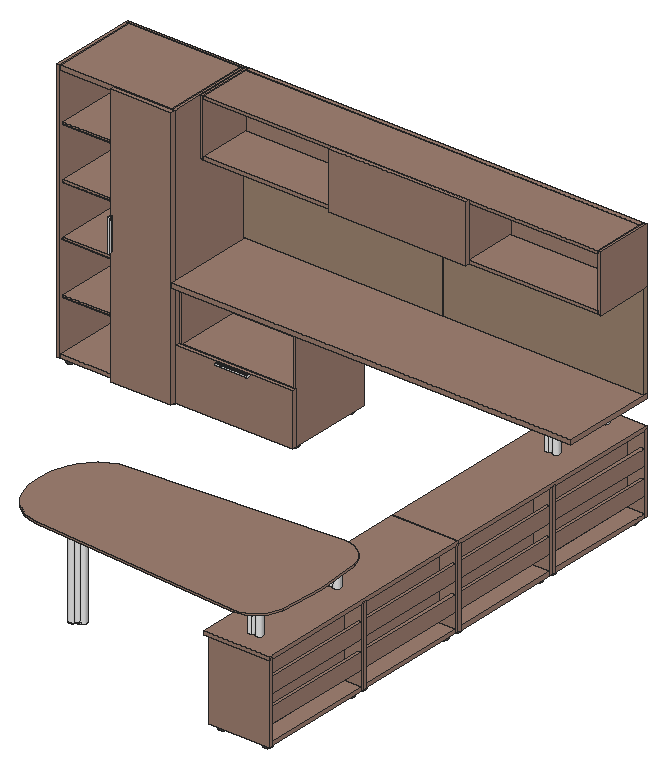
Revit family "APTOS TYPICAL APTOS007", category Furniture, Revit 2015
Parameters (values of type "APTOS007")
  Worksurface Height [instance] = 27"
  URL = "http://ofsbrands.com"
  Model = "APTOS007"
  Manufacturer = "OFS"
  Description = "OFS BRANDS OFS APTOS TYPICAL APTOS007"
  Copyright © = "© OFS BRANDS 2017"
  Catalog = "APTOS http://ofsbrands.com/products/casegoods/private-office/aptos"
  Authoring Version = "Autodesk Revit Architecture 2013"
  Assembly Code = "E2020200"
Reference planes (in)
  plane 1 "Center (Front/Back)": y = 0
  plane 2: z = 0
  plane 3 "Center (Left/Right)": x = 0
Dimensions and locks (in)
  aligned and locked: level to plane 2
Nested families (in)
  nested 1: "APTOS WALLMOUNT ORGANIZER WITH CENTERED LIFT-UP WOOD DOORS" at (11.58446, 0, 0), type "APTOS WALLMOUNT ORGANIZER WITH CENTERED LIFT-UP WOOD DOORS 102" Width"
  nested 2: "APTOS TWO PIECE TACKBOARD (Between Worksurface Height and Wallmount)" at (11.58446, 0, 0), type "APTOS TWO PIECE TACKBOARD 102" Between Worksurface Height and Wallmount"
  nested 3: "APTOS ELEVATED RUNOFF WORKSURFACE WEDGE SOLID SURFACE - WOOD TOP" at (25.52906, -125.99998, 0) x (-1, 0, 0) z (0, 0, 1), type "APTOS ELEVATED RUNOFF WORKSURFACE WEDGE SOLID SURFACE 72" x 36" - WOOD TOP"
    with Width 72", 34-7236WTEC yes, 34-6636WTEC no
  nested 4: "APTOS TRIFOIL COLUMN" at (-0.47094, -96.99998, 0), type "APTOS TRIFOIL COLUMN"
  nested 5: "APTOS LOW HEIGHT MODULAR CABINET TOP" at (62.58446, -30, 0) x (0, -1, 0) z (0, 0, 1), type "APTOS LOW HEIGHT MODULAR CABINET TOP 60""
    with Bottom Board Offset 21 1/4", Width 60"
  nested 6: "APTOS LOW HEIGHT MODULAR CABINET TOP" at (62.58446, -90, 0) x (0, -1, 0) z (0, 0, 1), type "APTOS LOW HEIGHT MODULAR CABINET TOP 60""
    with Bottom Board Offset 21 1/4", Width 60"
  nested 7: "APTOS LOW HEIGHT MODULAR PEDESTAL OPEN 18IN Depth" at (62.58446, -15, 0) x (0, -1, 0) z (0, 0, 1), type "APTOS LOW HEIGHT MODULAR PEDESTAL OPEN 30""
    with Width 30"
  nested 8: "APTOS LOW HEIGHT MODULAR PEDESTAL OPEN 18IN Depth" at (62.58446, -45, 0) x (0, -1, 0) z (0, 0, 1), type "APTOS LOW HEIGHT MODULAR PEDESTAL OPEN 30""
    with Width 30"
  nested 9: "APTOS LOW HEIGHT MODULAR PEDESTAL OPEN 18IN Depth" at (62.58446, -75, 0) x (0, -1, 0) z (0, 0, 1), type "APTOS LOW HEIGHT MODULAR PEDESTAL OPEN 30""
    with Width 30"
  nested 10: "APTOS LOW HEIGHT MODULAR PEDESTAL OPEN 18IN Depth" at (62.58446, -105, 0) x (0, -1, 0) z (0, 0, 1), type "APTOS LOW HEIGHT MODULAR PEDESTAL OPEN 30""
    with Width 30"
  nested 11: "APTOS MODULAR CABINET TOP" at (11.58446, 12, 0), type "APTOS MODULAR CABINET TOP 102" x 24""
    with Width 102"
  nested 12: "APTOS WORKSURFACE HEIGHT MODULAR PEDESTAL OPEN-FILE 30-36IN" at (-24.41554, 0, 0), type "APTOS WORKSURFACE HEIGHT MODULAR PEDESTAL OPEN-FILE 30W x 24D"
  nested 13: "APTOS TALL OPEN STORAGE WITH HINGED DOOR 24IN DEPTH" at (-54.41554, 0, 0), type "APTOS TALL OPEN STORAGE WITH HINGED DOOR 30" Wide 24" Planning Depth Single Hinged Door Right"
    with Width 30"
  nested 14: "APTOS DUFOIL STANDOFFS" at (51.84454, -89.625, 22.25) x (0, 1, 0) z (0, 0, 1), type "APTOS DUFOIL STANDOFFS"
  nested 15: "APTOS DUFOIL STANDOFFS" at (51.84454, -114.37496, 22.25) x (0, -1, 0) z (0, 0, 1), type "APTOS DUFOIL STANDOFFS"
  nested 16: "APTOS DUFOIL STANDOFFS" at (51.84454, -4.125, 22.25) x (0, 1, 0) z (0, 0, 1), type "APTOS DUFOIL STANDOFFS"
  nested 17: "APTOS DUFOIL STANDOFFS" at (51.84454, -19.875, 22.25) x (0, -1, 0) z (0, 0, 1), type "APTOS DUFOIL STANDOFFS"
Definition of nested family "APTOS WALLMOUNT ORGANIZER WITH CENTERED LIFT-UP WOOD DOORS"
  Parameters (values of type "APTOS WALLMOUNT ORGANIZER WITH CENTERED LIFT-UP WOOD DOORS 102" Width")
    Width = 102"
    URL = "http://ofsbrands.com"
    Total Height [instance] = 68 1/4"
    Middle Section Width = 34"
    Door Inset = 1"
    Door Gap = 1/8"
    Board Thick Door = 1"
    Depth = 15 5/8"
    Board Material = none
    Model = "34-10215WS1"
    Manufacturer = "OFS"
    Board Thick Internal = 3/4"
    Height = 14 1/2"
    Description = "OFS BRANDS OFS APTOS WALLMOUNT ORGANIZER WITH CENTERED LIFT-UP WOOD DOORS 102\" Width, One Lift-Up Door in Center Section, Open Sections on Both Sides"
    Copyright © = "© OFS BRANDS 2017"
    Catalog = "APTOS http://ofsbrands.com/products/casegoods/private-office/aptos"
    Bottom Board Offset = 53 3/4"
    Board Thick Top and Bot = 3/4"
    Board Thick Sides = 3/4"
    Board Thick Front = 3/4"
    Board Thick Back = 1 1/8"
    Authoring Version = "Autodesk Revit Architecture 2013"
    Assembly Code = "E2020200"
  Types (6): name | Width | Middle Section Width | Model | Description
    (no name) | 102" | 34" | "34-10215WS1" | "OFS BRANDS OFS APTOS WALLMOUNT ORGANIZER WITH CENTERED LIFT-UP WOOD DOORS 102\" Width, One Lift-Up Door in Center Section, Open Sections on Both Sides"
    APTOS WALLMOUNT ORGANIZER WITH CENTERED LIFT-UP WOOD DOORS 84" Width | 84" | 28" | "34-8415WS1" | "OFS BRANDS OFS APTOS WALLMOUNT ORGANIZER WITH CENTERED LIFT-UP WOOD DOORS 84\" Width, One Lift-Up Door in Center Section, Open Sections on Both Sides"
    APTOS WALLMOUNT ORGANIZER WITH CENTERED LIFT-UP WOOD DOORS 90" Width | 90" | 30" | "34-9015WS1" | "OFS BRANDS OFS APTOS WALLMOUNT ORGANIZER WITH CENTERED LIFT-UP WOOD DOORS 90\" Width, One Lift-Up Door in Center Section, Open Sections on Both Sides"
    APTOS WALLMOUNT ORGANIZER WITH CENTERED LIFT-UP WOOD DOORS 96" Width | 96" | 32" | "34-9615WS1" | "OFS BRANDS OFS APTOS WALLMOUNT ORGANIZER WITH CENTERED LIFT-UP WOOD DOORS 96\" Width, One Lift-Up Door in Center Section, Open Sections on Both Sides"
    APTOS WALLMOUNT ORGANIZER WITH CENTERED LIFT-UP WOOD DOORS 102" Width | 102" | 34" | "34-10215WS1" | "OFS BRANDS OFS APTOS WALLMOUNT ORGANIZER WITH CENTERED LIFT-UP WOOD DOORS 102\" Width, One Lift-Up Door in Center Section, Open Sections on Both Sides"
    APTOS WALLMOUNT ORGANIZER WITH CENTERED LIFT-UP WOOD DOORS 108" Width | 108" | 36" | "34-10815WS1" | "OFS BRANDS OFS APTOS WALLMOUNT ORGANIZER WITH CENTERED LIFT-UP WOOD DOORS 108\" Width, One Lift-Up Door in Center Section, Open Sections on Both Sides"
  Reference planes (in)
    plane 1 "Center Front/Back": y = 0
    plane 2: z = 0
    plane 3 "Center Left/Right": x = 0
    plane 4 "Left End": x = -51
    plane 5 "Front End": y = -14.625
    plane 6 "Right End": x = 51
    plane 7 "Back End": y = 0
    plane 8 "Height Top": z = 68.25
    plane 9: x = -50.25
    plane 10: x = 50.25
    plane 11: z = 67.5
    plane 12: z = 53.75
    plane 13: z = 54.5
    plane 14: y = -15.625
    plane 15: y = -1.125
    plane 16: y = -15.625
    plane 17: x = 47.75
    plane 18: x = -47.75
    plane 19: z = 61
    plane 20: x = 17
    plane 21: x = 16.625
    plane 22: x = 17.375
    plane 23: x = -17
    plane 24: x = -16.625
    plane 25: x = -17.375
    plane 26: x = -0.0625
    plane 27: x = 0.0625
  Forms (in)
    Extrusion 1, solid, material <- "Board Material"
      sketch origin (0, 0, 0) x (1, 0, 0) y (0, 1, 0)
        loop
          line (-51, 0) -> (-51, -14.625) -> (-50.25, -14.625) -> (-50.25, 0) -> (-51, 0)
      from 53.75 to 68.25
    Extrusion 2, solid, material <- "Board Material"
      sketch origin (0, 0, 0) x (-1, 0, 0) y (0, -1, 0)
        loop
          line (-51, 0) -> (-50.25, 0) -> (-50.25, 14.625) -> (-51, 14.625) -> (-51, 0)
      from 53.75 to 68.25
    Extrusion 3, solid, material <- "Board Material"
      sketch origin (0, 0, 0) x (1, 0, 0) y (0, 1, 0)
        loop
          line (-50.25, -1.125) -> (-50.25, -14.625) -> (50.25, -14.625) -> (50.25, -1.125) -> (-50.25, -1.125)
      from 53.75 to 54.5
    Extrusion 4, solid, material <- "Board Material"
      sketch origin (0, 0, 0) x (1, 0, 0) y (0, 1, 0)
        loop
          line (-50.25, -1.125) -> (-50.25, -14.625) -> (50.25, -14.625) -> (50.25, -1.125) -> (-50.25, -1.125)
      from 67.5 to 68.25
    Extrusion 5, solid, material <- "Board Material"
      sketch origin (0, 0, 0) x (1, 0, 0) y (0, 1, 0)
        loop
          line (17.375, -1.125) -> (16.625, -1.125) -> (16.625, -14.625) -> (17.375, -14.625) -> (17.375, -1.125)
      from 54.5 to 67.5
    Extrusion 6, solid, material <- "Board Material"
      sketch origin (0, 27.875, 0) x (1, 0, 0) y (0, 1, 0)
        loop
          line (-50.25, -27.875) -> (-50.25, -29) -> (50.25, -29) -> (50.25, -27.875) -> (-50.25, -27.875)
      from 53.75 to 68.25
    Extrusion 7, solid, material <- "Board Material"
      sketch origin (0, 0, 0) x (1, 0, 0) y (0, 1, 0)
        loop
          line (17.375, -14.625) -> (-17.375, -14.625) -> (-17.375, -15.625) -> (17.375, -15.625) -> (17.375, -14.625)
      from 53.75 to 68.25
    Extrusion 8, solid, material <- "Board Material"
      sketch origin (-35.5, 0, 0) x (1, 0, 0) y (0, 1, 0)
        loop
          line (18.875, -1.125) -> (18.125, -1.125) -> (18.125, -14.625) -> (18.875, -14.625) -> (18.875, -1.125)
      from 54.5 to 67.5
  Dimensions and locks (in)
    equal spacing: plane 4 "Left End", plane 3 "Center Left/Right", plane 6 "Right End"
    "Width": plane 4 "Left End" to plane 6 "Right End"
    "Height": plane 8 "Height Top" to plane 12
    "Board Thick Sides": plane 4 "Left End" to plane 9
    "Board Thick Sides": plane 10 to plane 6 "Right End"
    "Board Thick Top and Bot": plane 8 "Height Top" to plane 11
    "Board Thick Top and Bot": plane 13 to plane 12
    "Bottom Board Offset": plane 12 to level
    "Board Thick Back": plane 15 to plane 1 "Center Front/Back"
    "Depth": plane 14 to plane 1 "Center Front/Back"
    "Total Height": plane 8 "Height Top" to level
    "Door Inset": plane 5 "Front End" to plane 14
    "Board Thick Door": plane 5 "Front End" to plane 16
    locked: plane 17 to plane 10 at 2.5
    locked: plane 9 to plane 18 at 2.5
    equal spacing: plane 8 "Height Top", plane 19, plane 12
    equal spacing: plane 21, plane 20, plane 22
    "Board Thick Internal": plane 21 to plane 22
    equal spacing: plane 24, plane 23, plane 25
    "Board Thick Internal": plane 24 to plane 25
    equal spacing: plane 23, plane 3 "Center Left/Right", plane 20
    "Middle Section Width": plane 23 to plane 20
    equal spacing: plane 26, plane 3 "Center Left/Right", plane 27
    "Door Gap": plane 26 to plane 27
    aligned and locked: level to plane 2
    aligned and locked: plane 4 "Left End" to Extrusion 1 sketch curve
    aligned and locked: Extrusion 1 sketch curve to plane 9
    aligned and locked: plane 10 to Extrusion 2
    aligned and locked: Extrusion 2 to plane 6 "Right End"
    aligned and locked: plane 12 to Extrusion 2
    aligned and locked: plane 10 to Extrusion 3 sketch curve
    aligned and locked: plane 9 to Extrusion 3 sketch curve
    aligned and locked: Extrusion 5 to plane 5 "Front End"
    aligned and locked: Extrusion 3 to plane 13
    aligned and locked: Extrusion 3 to plane 12
    aligned and locked: plane 13 to Extrusion 5
    aligned and locked: Extrusion 5 to plane 11
    aligned and locked: Extrusion 4 to plane 8 "Height Top"
    aligned and locked: Extrusion 4 to plane 11
    aligned and locked: Extrusion 6 to plane 15
    aligned and locked: Extrusion 6 to plane 1 "Center Front/Back"
    aligned and locked: Extrusion 2 to plane 1 "Center Front/Back"
    aligned and locked: Extrusion 5 to plane 15
    aligned and locked: Extrusion 2 to plane 8 "Height Top"
    aligned and locked: Extrusion 4 to plane 9
    aligned and locked: Extrusion 4 to plane 10
    aligned and locked: plane 8 "Height Top" to Extrusion 1
    aligned and locked: Extrusion 1 to plane 12
    aligned and locked: Extrusion 6 to plane 9
    aligned and locked: Extrusion 6 to plane 10
    aligned and locked: Extrusion 7 to plane 16
    aligned and locked: plane 8 "Height Top" to Extrusion 6
    aligned and locked: Extrusion 6 to plane 12
    aligned and locked: plane 15 to Extrusion 3
    aligned and locked: plane 15 to Extrusion 4
    aligned and locked: Extrusion 5 to plane 21
    aligned and locked: plane 22 to Extrusion 5
    aligned and locked: plane 24 to Extrusion 8
    aligned and locked: Extrusion 8 to plane 25
    aligned and locked: Extrusion 8 to plane 13
    aligned and locked: Extrusion 8 to Extrusion 4
    aligned and locked: Extrusion 3 to Extrusion 8
    aligned and locked: Extrusion 8 to plane 5 "Front End"
    aligned and locked: Extrusion 7 to Extrusion 5
    aligned and locked: Extrusion 8 to Extrusion 7
    aligned and locked: Extrusion 4 to plane 5 "Front End"
    aligned and locked: Extrusion 3 to plane 5 "Front End"
    aligned and locked: Extrusion 1 to plane 5 "Front End"
    aligned and locked: plane 5 "Front End" to Extrusion 2
    aligned and locked: Extrusion 7 to plane 12
    aligned and locked: plane 8 "Height Top" to Extrusion 7
  Automatic sketch dimensions
    Extrusion 1 sketch curve to plane 14 = 1"
    plane 1 "Center Front/Back" to Extrusion 1 sketch curve = 0"
    Extrusion 2 sketch curve to plane 6 "Right End" = 0"
    Extrusion 2 sketch curve to plane 10 = 0"
    plane 14 to Extrusion 2 sketch curve = 1"
    plane 1 "Center Front/Back" to Extrusion 2 sketch curve = 0"
    Extrusion 3 sketch curve to plane 14 = 1"
    Extrusion 3 sketch curve to plane 15 = 0"
    Extrusion 4 sketch curve to plane 9 = 0"
    Extrusion 4 sketch curve to plane 10 = 0"
    Extrusion 4 sketch curve to plane 14 = 1"
    Extrusion 4 sketch curve to plane 15 = 0"
    Extrusion 5 sketch curve to plane 5 "Front End" = 0"
    Extrusion 5 sketch curve to plane 22 = 0"
    Extrusion 5 sketch curve to plane 21 = 0"
    plane 15 to Extrusion 5 sketch curve = 0"
    Extrusion 6 sketch curve to plane 9 = 0"
    Extrusion 6 sketch curve to plane 10 = 0"
    Extrusion 6 sketch curve to plane 15 = 0"
    plane 1 "Center Front/Back" to Extrusion 6 sketch curve = 0"
    Extrusion 7 sketch curve to plane 5 "Front End" = 0"
    Extrusion 7 sketch curve to plane 16 = 0"
    plane 10 to Extrusion 7 sketch curve = 32 7/8"
    Extrusion 7 sketch curve to plane 3 "Center Left/Right" = 17 3/8"
    Extrusion 8 sketch curve to plane 5 "Front End" = 0"
    Extrusion 8 sketch curve to plane 24 = 0"
    Extrusion 8 sketch curve to plane 25 = 0"
    Extrusion 8 sketch curve to plane 15 = 0"
Definition of nested family "APTOS TWO PIECE TACKBOARD (Between Worksurface Height and Wallmount)"
  Parameters
    Width = 102"
    URL = "http://ofsbrands.com"
    Depth = 1"
    Tackboard Material = none
    Model = "FTW2002"
    Manufacturer = "OFS"
    Height = 24"
    Description = "OFS BRANDS OFS APTOS TWO PIECE TACKBOARD 102\" WIDTH, Use where a 102\" Overhead or Wall Shelf is Between Worksurface Height and Wallmount"
    Copyright © = "© OFS BRANDS 2017"
    Catalog = "APTOS http://ofsbrands.com/products/casegoods/private-office/aptos"
    Bottom Board Offset = 29 3/4"
    Authoring Version = "Autodesk Revit Architecture 2013"
    Assembly Code = "E2020200"
  Reference planes (in)
    plane 1 "Center Front/Back": y = 0
    plane 2: z = 0
    plane 3 "Center Left/Right": x = 0
    plane 4 "Left End": x = -51
    plane 5 "Front End": y = -1
    plane 6 "Right End": x = 51
    plane 7 "Height Top": z = 53.75
    plane 8: z = 29.75
  Forms (in)
    Extrusion 1, solid, material <- "Tackboard Material"
      sketch origin (0, 0, 0) x (1, 0, 0) y (0, 0, 1)
        loop
          line (-51, 53.75) -> (-51, 29.75) -> (0, 29.75) -> (0, 53.75) -> (-51, 53.75)
      from 0 to 1
    Extrusion 2, solid, material <- "Tackboard Material"
      sketch origin (0, 0, 0) x (-1, 0, 0) y (0, 0, -1)
        loop
          line (-51, -53.75) -> (0, -53.75) -> (0, -29.75) -> (-51, -29.75) -> (-51, -53.75)
      from 0 to 1
  Dimensions and locks (in)
    "Height": plane 7 "Height Top" to plane 8
    "Bottom Board Offset": plane 8 to level
    "Depth": plane 5 "Front End" to plane 1 "Center Front/Back"
    equal spacing: plane 4 "Left End", plane 3 "Center Left/Right", plane 6 "Right End"
    "Width": plane 4 "Left End" to plane 6 "Right End"
    aligned and locked: level to plane 2
    aligned and locked: Extrusion 1 sketch curve to plane 7 "Height Top"
    aligned and locked: plane 4 "Left End" to Extrusion 1 sketch curve
    aligned and locked: plane 8 to Extrusion 1 sketch curve
    aligned and locked: plane 3 "Center Left/Right" to Extrusion 1
    aligned and locked: Extrusion 1 to plane 5 "Front End"
    aligned and locked: Extrusion 1 to plane 1 "Center Front/Back"
    aligned and locked: plane 7 "Height Top" to Extrusion 1
    aligned and locked: Extrusion 1 to plane 8
    aligned and locked: Extrusion 2 to plane 3 "Center Left/Right"
    aligned and locked: Extrusion 2 to plane 7 "Height Top"
    aligned and locked: Extrusion 2 to plane 6 "Right End"
    aligned and locked: Extrusion 2 to plane 8
    aligned and locked: Extrusion 2 to plane 5 "Front End"
    aligned and locked: Extrusion 2 to plane 1 "Center Front/Back"
  Automatic sketch dimensions
    Extrusion 1 sketch curve to plane 3 "Center Left/Right" = 0"
    plane 6 "Right End" to Extrusion 2 sketch curve = 0"
    Extrusion 2 sketch curve to plane 3 "Center Left/Right" = 0"
    Extrusion 2 sketch curve to plane 8 = 0"
    Extrusion 2 sketch curve to plane 7 "Height Top" = 0"
Definition of nested family "APTOS ELEVATED RUNOFF WORKSURFACE WEDGE SOLID SURFACE - WOOD TOP"
  Parameters
    Width = 66"
    URL = "http://ofsbrands.com"
    Table Material = none
    Depth = 36"
    Model = "34-6636WTE"
    Manufacturer = "OFS"
    Height = 1 1/8"
    Description = "OFS BRANDS OFS APTOS ELEVATED RUNOFF WORKSURFACE WEDGE SOLID SURFACE 66\" Width x 36\" Depth - WOOD TOP, 1.1875\" thick Solid Surface Worksurface"
    Copyright © = "© OFS BRANDS 2017"
    Catalog = "APTOS http://ofsbrands.com/products/casegoods/private-office/aptos"
    Bottom Board Offset = 28 3/8"
    Authoring Version = "Autodesk Revit Architecture 2013"
    Assembly Code = "E2020200"
    34-7842WTEC = no
    34-7242WTEC = no
    34-7236WTEC = no
    34-6642WTEC = no
    34-6636WTEC = yes
  Reference planes (in)
    plane 1 "Back End": y = -6
    plane 2: z = 0
    plane 3 "Center Left/Right": x = 0
    plane 4 "Left End": x = -33
    plane 5 "Front End": y = -42
    plane 6 "Right End": x = 33
    plane 7 "Height Top": z = 29.5
    plane 8: z = 28.375
    plane 9 "Center Front/Back": y = -24
  Forms (in)
    Extrusion 1, solid, material <- "Table Material", visible <- "34-7842WTEC"
      sketch origin (0, 0, 0) x (1, 0, 0) y (0, 1, 0)
        loop
          arc (-30.13754, -2.99992) -> (-35.45804, -4.98433) -> (-38.12133, -9.99956) r 8
          arc (-38.12133, -9.99956) -> (-39, -24) -> (-38.12133, -38.00044) r 111.97836
          arc (-38.12133, -38.00044) -> (-35.45804, -43.01567) -> (-30.13754, -45.00008) r 8
          arc (-30.13754, -45.00008) -> (-1.01631, -44.04076) -> (28.01014, -41.50461) r 537.43618
          arc (28.01014, -41.50461) -> (35.06839, -38.12659) -> (38.54366, -31.11571) r 12
          arc (38.54366, -31.11571) -> (39, -24) -> (38.54366, -16.88429) r 55.70594
          arc (38.54366, -16.88429) -> (35.06839, -9.87341) -> (28.01014, -6.49539) r 12
          arc (28.01014, -6.49539) -> (-1.01631, -3.95924) -> (-30.13754, -2.99992) r 537.43618
      from 28.375 to 29.5
    Sweep 2, void
      path in 3D
        loop
          arc (-38.12133, -9.99956, 29.5) -> (-35.45804, -4.98433, 29.5) -> (-30.13754, -2.99992, 29.5) r 8
          arc (-30.13754, -2.99992, 29.5) -> (-1.01631, -3.95924, 29.5) -> (28.01014, -6.49539, 29.5) r 537.43618
          arc (28.01014, -6.49539, 29.5) -> (35.06839, -9.87341, 29.5) -> (38.54366, -16.88429, 29.5) r 12
          arc (38.54366, -16.88429, 29.5) -> (39, -24, 29.5) -> (38.54366, -31.11571, 29.5) r 55.70594
          arc (38.54366, -31.11571, 29.5) -> (35.06839, -38.12659, 29.5) -> (28.01014, -41.50461, 29.5) r 12
          arc (28.01014, -41.50461, 29.5) -> (-1.01631, -44.04076, 29.5) -> (-30.13754, -45.00008, 29.5) r 537.43618
          arc (-30.13754, -45.00008, 29.5) -> (-35.45804, -43.01567, 29.5) -> (-38.12133, -38.00044, 29.5) r 8
          arc (-38.12133, -38.00044, 29.5) -> (-39, -24, 29.5) -> (-38.12133, -9.99956, 29.5) r 111.97836
      profile origin (-39, -24, 29.5) x (-1, 0, 0) y (0, 0, 1)
        loop
          line (0, -1.125) -> (0, -0.39706) -> (-2, -1.125) -> (0, -1.125)
    Extrusion 3, solid, material <- "Table Material", visible <- "34-7842WTEC", not visible
      sketch origin (0, 0, 0) x (1, 0, 0) y (0, 1, 0)
        loop
          arc (-30.13754, -2.99992) -> (-35.45804, -4.98433) -> (-38.12133, -9.99956) r 8
          arc (-38.12133, -9.99956) -> (-39, -24) -> (-38.12133, -38.00044) r 111.97836
          arc (-38.12133, -38.00044) -> (-35.45804, -43.01567) -> (-30.13754, -45.00008) r 8
          arc (-30.13754, -45.00008) -> (-1.01631, -44.04076) -> (28.01014, -41.50461) r 537.43618
          arc (28.01014, -41.50461) -> (35.06839, -38.12659) -> (38.54366, -31.11571) r 12
          arc (38.54366, -31.11571) -> (39, -24) -> (38.54366, -16.88429) r 55.70594
          arc (38.54366, -16.88429) -> (35.06839, -9.87341) -> (28.01014, -6.49539) r 12
          arc (28.01014, -6.49539) -> (-1.01631, -3.95924) -> (-30.13754, -2.99992) r 537.43618
      from 28.375 to 29.5
    Extrusion 4, solid, material <- "Table Material", visible <- "34-7242WTEC"
      sketch origin (0, 0, 0) x (1, 0, 0) y (0, 1, 0)
        loop
          arc (-35.12133, -9.99955) -> (-36, -24) -> (-35.12133, -38.00045) r 111.97836
          arc (-35.12133, -38.00045) -> (-32.45598, -43.01747) -> (-27.13208, -45.00006) r 8
          arc (-27.13208, -45.00006) -> (-0.92934, -44.03658) -> (25.16721, -41.49057) r 433.4597
          arc (25.16721, -41.49057) -> (32.12361, -38.07623) -> (35.54282, -31.12222) r 12
          arc (35.54282, -31.12222) -> (36, -24) -> (35.54282, -16.87778) r 55.70594
          arc (35.54282, -16.87778) -> (32.12361, -9.92377) -> (25.16721, -6.50943) r 12
          arc (25.16721, -6.50943) -> (-0.92934, -3.96342) -> (-27.13208, -2.99994) r 433.4597
          arc (-27.13208, -2.99994) -> (-32.45598, -4.98253) -> (-35.12133, -9.99955) r 8
      from 28.375 to 29.5
    Sweep 5, void
      path in 3D
        loop
          arc (-35.12133, -9.99955, 29.5) -> (-32.45598, -4.98253, 29.5) -> (-27.13208, -2.99994, 29.5) r 8
          arc (-27.13208, -2.99994, 29.5) -> (-0.92934, -3.96342, 29.5) -> (25.16721, -6.50943, 29.5) r 433.4597
          arc (25.16721, -6.50943, 29.5) -> (32.12361, -9.92377, 29.5) -> (35.54282, -16.87778, 29.5) r 12
          arc (35.54282, -16.87778, 29.5) -> (36, -24, 29.5) -> (35.54282, -31.12222, 29.5) r 55.70594
          arc (35.54282, -31.12222, 29.5) -> (32.12361, -38.07623, 29.5) -> (25.16721, -41.49057, 29.5) r 12
          arc (25.16721, -41.49057, 29.5) -> (-0.92934, -44.03658, 29.5) -> (-27.13208, -45.00006, 29.5) r 433.4597
          arc (-27.13208, -45.00006, 29.5) -> (-32.45598, -43.01747, 29.5) -> (-35.12133, -38.00045, 29.5) r 8
          arc (-35.12133, -38.00045, 29.5) -> (-36, -24, 29.5) -> (-35.12133, -9.99955, 29.5) r 111.97836
      profile origin (-36, -24, 29.5) x (-1, 0, 0) y (0, 0, 1)
        loop
          line (0, -1.125) -> (0, -0.39706) -> (-2, -1.125) -> (0, -1.125)
    Extrusion 6, solid, material <- "Table Material", visible <- "34-7242WTEC", not visible
      sketch origin (0, 0, 0) x (1, 0, 0) y (0, 1, 0)
        loop
          arc (-35.12133, -9.99955) -> (-36, -24) -> (-35.12133, -38.00045) r 111.97836
          arc (-35.12133, -38.00045) -> (-32.45598, -43.01747) -> (-27.13208, -45.00006) r 8
          arc (-27.13208, -45.00006) -> (-0.92934, -44.03658) -> (25.16721, -41.49057) r 433.4597
          arc (25.16721, -41.49057) -> (32.12361, -38.07623) -> (35.54282, -31.12222) r 12
          arc (35.54282, -31.12222) -> (36, -24) -> (35.54282, -16.87778) r 55.70594
          arc (35.54282, -16.87778) -> (32.12361, -9.92377) -> (25.16721, -6.50943) r 12
          arc (25.16721, -6.50943) -> (-0.92934, -3.96342) -> (-27.13208, -2.99994) r 433.4597
          arc (-27.13208, -2.99994) -> (-32.45598, -4.98253) -> (-35.12133, -9.99955) r 8
      from 28.375 to 29.5
    Extrusion 7, solid, material <- "Table Material", visible <- "34-7236WTEC"
      sketch origin (0, 0, 0) x (1, 0, 0) y (0, 1, 0)
        loop
          arc (-27.12648, -5.99998) -> (-32.33349, -7.88203) -> (-35.07139, -12.69442) r 8
          arc (-35.07139, -12.69442) -> (-36, -24) -> (-35.07139, -35.30558) r 69.28541
          arc (-35.07139, -35.30558) -> (-32.33349, -40.11797) -> (-27.12648, -42.00002) r 8
          arc (-27.12648, -42.00002) -> (-1.00869, -41.0419) -> (25.00389, -38.51147) r 433.4597
          arc (25.00389, -38.51147) -> (30.77434, -36.13874) -> (34.57357, -31.18961) r 12
          arc (34.57357, -31.18961) -> (36, -24) -> (34.57357, -16.81039) r 18.83203
          arc (34.57357, -16.81039) -> (30.77434, -11.86126) -> (25.00389, -9.48853) r 12
          arc (25.00389, -9.48853) -> (-1.00869, -6.9581) -> (-27.12648, -5.99998) r 433.4597
      from 28.375 to 29.5
    Sweep 8, void
      path in 3D
        loop
          arc (-35.07139, -12.69442, 29.5) -> (-32.33349, -7.88203, 29.5) -> (-27.12648, -5.99998, 29.5) r 8
          arc (-27.12648, -5.99998, 29.5) -> (-1.00869, -6.9581, 29.5) -> (25.00389, -9.48853, 29.5) r 433.4597
          arc (25.00389, -9.48853, 29.5) -> (30.77434, -11.86126, 29.5) -> (34.57357, -16.81039, 29.5) r 12
          arc (34.57357, -16.81039, 29.5) -> (36, -24, 29.5) -> (34.57357, -31.18961, 29.5) r 18.83203
          arc (34.57357, -31.18961, 29.5) -> (30.77434, -36.13874, 29.5) -> (25.00389, -38.51147, 29.5) r 12
          arc (25.00389, -38.51147, 29.5) -> (-1.00869, -41.0419, 29.5) -> (-27.12648, -42.00002, 29.5) r 433.4597
          arc (-27.12648, -42.00002, 29.5) -> (-32.33349, -40.11797, 29.5) -> (-35.07139, -35.30558, 29.5) r 8
          arc (-35.07139, -35.30558, 29.5) -> (-36, -24, 29.5) -> (-35.07139, -12.69442, 29.5) r 69.28541
      profile origin (-36, -24, 29.5) x (-1, 0, 0) y (0, 0, 1)
        loop
          line (0, -1.125) -> (0, -0.39706) -> (-2, -1.125) -> (0, -1.125)
    Extrusion 9, solid, material <- "Table Material", visible <- "34-7236WTEC", not visible
      sketch origin (0, 0, 0) x (1, 0, 0) y (0, 1, 0)
        loop
          arc (-27.12648, -5.99998) -> (-32.33349, -7.88203) -> (-35.07139, -12.69442) r 8
          arc (-35.07139, -12.69442) -> (-36, -24) -> (-35.07139, -35.30558) r 69.28541
          arc (-35.07139, -35.30558) -> (-32.33349, -40.11797) -> (-27.12648, -42.00002) r 8
          arc (-27.12648, -42.00002) -> (-1.00869, -41.0419) -> (25.00389, -38.51147) r 433.4597
          arc (25.00389, -38.51147) -> (30.77434, -36.13874) -> (34.57357, -31.18961) r 12
          arc (34.57357, -31.18961) -> (36, -24) -> (34.57357, -16.81039) r 18.83203
          arc (34.57357, -16.81039) -> (30.77434, -11.86126) -> (25.00389, -9.48853) r 12
          arc (25.00389, -9.48853) -> (-1.00869, -6.9581) -> (-27.12648, -5.99998) r 433.4597
      from 28.375 to 29.5
    Extrusion 10, solid, material <- "Table Material", visible <- "34-6642WTEC"
      sketch origin (0, 0, 0) x (1, 0, 0) y (0, 1, 0)
        loop
          arc (-24.12481, -2.99953) -> (-29.4532, -4.97968) -> (-32.12126, -9.99905) r 8
          arc (-32.12126, -9.99905) -> (-33, -24) -> (-32.12126, -38.00095) r 111.97836
          arc (-32.12126, -38.00095) -> (-29.4532, -43.02032) -> (-24.12481, -45.00047) r 8
          arc (-24.12481, -45.00047) -> (-0.81853, -44.02958) -> (22.36674, -41.46666) r 340.79932
          arc (22.36674, -41.46666) -> (29.19392, -38.00838) -> (32.54226, -31.12662) r 12
          arc (32.54226, -31.12662) -> (33, -24) -> (32.54226, -16.87338) r 55.70594
          arc (32.54226, -16.87338) -> (29.19392, -9.99162) -> (22.36674, -6.53334) r 12
          arc (22.36674, -6.53334) -> (-0.81853, -3.97042) -> (-24.12481, -2.99953) r 340.79932
      from 28.375 to 29.5
    Sweep 11, void
      path in 3D
        loop
          arc (-32.12126, -9.99905, 29.5) -> (-29.4532, -4.97968, 29.5) -> (-24.12481, -2.99953, 29.5) r 8
          arc (-24.12481, -2.99953, 29.5) -> (-0.81853, -3.97042, 29.5) -> (22.36674, -6.53334, 29.5) r 340.79932
          arc (22.36674, -6.53334, 29.5) -> (29.19392, -9.99162, 29.5) -> (32.54226, -16.87338, 29.5) r 12
          arc (32.54226, -16.87338, 29.5) -> (33, -24, 29.5) -> (32.54226, -31.12662, 29.5) r 55.70594
          arc (32.54226, -31.12662, 29.5) -> (29.19392, -38.00838, 29.5) -> (22.36674, -41.46666, 29.5) r 12
          arc (22.36674, -41.46666, 29.5) -> (-0.81853, -44.02958, 29.5) -> (-24.12481, -45.00047, 29.5) r 340.79932
          arc (-24.12481, -45.00047, 29.5) -> (-29.4532, -43.02032, 29.5) -> (-32.12126, -38.00095, 29.5) r 8
          arc (-32.12126, -38.00095, 29.5) -> (-33, -24, 29.5) -> (-32.12126, -9.99905, 29.5) r 111.97836
      profile origin (-33, -24, 29.5) x (-1, 0, 0) y (0, 0, 1)
        loop
          line (0, -1.125) -> (0, -0.39706) -> (-2, -1.125) -> (0, -1.125)
    Extrusion 12, solid, material <- "Table Material", visible <- "34-6642WTEC", not visible
      sketch origin (0, 0, 0) x (1, 0, 0) y (0, 1, 0)
        loop
          arc (-24.12481, -2.99953) -> (-29.4532, -4.97968) -> (-32.12126, -9.99905) r 8
          arc (-32.12126, -9.99905) -> (-33, -24) -> (-32.12126, -38.00095) r 111.97836
          arc (-32.12126, -38.00095) -> (-29.4532, -43.02032) -> (-24.12481, -45.00047) r 8
          arc (-24.12481, -45.00047) -> (-0.81853, -44.02958) -> (22.36674, -41.46666) r 340.79932
          arc (22.36674, -41.46666) -> (29.19392, -38.00838) -> (32.54226, -31.12662) r 12
          arc (32.54226, -31.12662) -> (33, -24) -> (32.54226, -16.87338) r 55.70594
          arc (32.54226, -16.87338) -> (29.19392, -9.99162) -> (22.36674, -6.53334) r 12
          arc (22.36674, -6.53334) -> (-0.81853, -3.97042) -> (-24.12481, -2.99953) r 340.79932
      from 28.375 to 29.5
    Extrusion 13, solid, material <- "Table Material", visible <- "34-6636WTEC"
      sketch origin (0, 0, 0) x (1, 0, 0) y (0, 1, 0)
        loop
          arc (-24.11948, -6.00003) -> (-29.33082, -7.87978) -> (-32.07139, -12.69442) r 8
          arc (-32.07139, -12.69442) -> (-33, -24) -> (-32.07139, -35.30558) r 69.28541
          arc (-32.07139, -35.30558) -> (-29.33082, -40.12022) -> (-24.11948, -41.99997) r 8
          arc (-24.11948, -41.99997) -> (-0.8999, -41.03574) -> (22.19993, -38.49087) r 340.70548
          arc (22.19993, -38.49087) -> (27.84618, -36.08774) -> (31.56617, -31.20749) r 12
          arc (31.56617, -31.20749) -> (33, -24) -> (31.56617, -16.79251) r 18.83203
          arc (31.56617, -16.79251) -> (27.84618, -11.91226) -> (22.19993, -9.50913) r 12
          arc (22.19993, -9.50913) -> (-0.8999, -6.96426) -> (-24.11948, -6.00003) r 340.70548
      from 28.375 to 29.5
    Sweep 14, void
      path in 3D
        loop
          arc (-32.07139, -12.69442, 29.5) -> (-29.33082, -7.87978, 29.5) -> (-24.11948, -6.00003, 29.5) r 8
          arc (-24.11948, -6.00003, 29.5) -> (-0.8999, -6.96426, 29.5) -> (22.19993, -9.50913, 29.5) r 340.70548
          arc (22.19993, -9.50913, 29.5) -> (27.84618, -11.91226, 29.5) -> (31.56617, -16.79251, 29.5) r 12
          arc (31.56617, -16.79251, 29.5) -> (33, -24, 29.5) -> (31.56617, -31.20749, 29.5) r 18.83203
          arc (31.56617, -31.20749, 29.5) -> (27.84618, -36.08774, 29.5) -> (22.19993, -38.49087, 29.5) r 12
          arc (22.19993, -38.49087, 29.5) -> (-0.8999, -41.03574, 29.5) -> (-24.11948, -41.99997, 29.5) r 340.70548
          arc (-24.11948, -41.99997, 29.5) -> (-29.33082, -40.12022, 29.5) -> (-32.07139, -35.30558, 29.5) r 8
          arc (-32.07139, -35.30558, 29.5) -> (-33, -24, 29.5) -> (-32.07139, -12.69442, 29.5) r 69.28541
      profile origin (-33, -24, 29.5) x (-1, 0, 0) y (0, 0, 1)
        loop
          line (0, -1.125) -> (0, -0.39706) -> (-2, -1.125) -> (0, -1.125)
    Extrusion 15, solid, material <- "Table Material", visible <- "34-6636WTEC", not visible
      sketch origin (0, 0, 0) x (1, 0, 0) y (0, 1, 0)
        loop
          arc (-24.11948, -6.00003) -> (-29.33082, -7.87978) -> (-32.07139, -12.69442) r 8
          arc (-32.07139, -12.69442) -> (-33, -24) -> (-32.07139, -35.30558) r 69.28541
          arc (-32.07139, -35.30558) -> (-29.33082, -40.12022) -> (-24.11948, -41.99997) r 8
          arc (-24.11948, -41.99997) -> (-0.8999, -41.03574) -> (22.19993, -38.49087) r 340.70548
          arc (22.19993, -38.49087) -> (27.84618, -36.08774) -> (31.56617, -31.20749) r 12
          arc (31.56617, -31.20749) -> (33, -24) -> (31.56617, -16.79251) r 18.83203
          arc (31.56617, -16.79251) -> (27.84618, -11.91226) -> (22.19993, -9.50913) r 12
          arc (22.19993, -9.50913) -> (-0.8999, -6.96426) -> (-24.11948, -6.00003) r 340.70548
      from 28.375 to 29.5
  Cuts and joins
    Sweep 2 cuts Extrusion 1
    Sweep 5 cuts Extrusion 4
    Sweep 8 cuts Extrusion 7
    Sweep 11 cuts Extrusion 10
    Sweep 14 cuts Extrusion 13
  Lines and regions (in)
    sketch lines
      curve 1: arc (-38.12133, -38.00044, 29.5) -> (-39, -24, 29.5) -> (-38.12133, -9.99956, 29.5) r 111.97836
      curve 2: arc (-38.12133, -9.99956, 29.5) -> (-35.45804, -4.98433, 29.5) -> (-30.13754, -2.99992, 29.5) r 8
      curve 3: arc (-30.13754, -2.99992, 29.5) -> (-1.01631, -3.95924, 29.5) -> (28.01014, -6.49539, 29.5) r 537.43618
      curve 4: arc (-30.13754, -45.00008, 29.5) -> (-35.45804, -43.01567, 29.5) -> (-38.12133, -38.00044, 29.5) r 8
      curve 5: arc (28.01014, -41.50461, 29.5) -> (-1.01631, -44.04076, 29.5) -> (-30.13754, -45.00008, 29.5) r 537.43618
      curve 6: arc (38.54366, -31.11571, 29.5) -> (35.06839, -38.12659, 29.5) -> (28.01014, -41.50461, 29.5) r 12
      curve 7: arc (38.54366, -16.88429, 29.5) -> (39, -24, 29.5) -> (38.54366, -31.11571, 29.5) r 55.70594
      curve 8: arc (28.01014, -6.49539, 29.5) -> (35.06839, -9.87341, 29.5) -> (38.54366, -16.88429, 29.5) r 12
      curve 9: arc (-35.12133, -38.00045, 29.5) -> (-36, -24, 29.5) -> (-35.12133, -9.99955, 29.5) r 111.97836
      curve 10: arc (-27.13208, -45.00006, 29.5) -> (-32.45598, -43.01747, 29.5) -> (-35.12133, -38.00045, 29.5) r 8
      curve 11: arc (25.16721, -41.49057, 29.5) -> (-0.92934, -44.03658, 29.5) -> (-27.13208, -45.00006, 29.5) r 433.4597
      curve 12: arc (-35.12133, -9.99955, 29.5) -> (-32.45598, -4.98253, 29.5) -> (-27.13208, -2.99994, 29.5) r 8
      curve 13: arc (-27.13208, -2.99994, 29.5) -> (-0.92934, -3.96342, 29.5) -> (25.16721, -6.50943, 29.5) r 433.4597
      curve 14: arc (25.16721, -6.50943, 29.5) -> (32.12361, -9.92377, 29.5) -> (35.54282, -16.87778, 29.5) r 12
      curve 15: arc (35.54282, -16.87778, 29.5) -> (36, -24, 29.5) -> (35.54282, -31.12222, 29.5) r 55.70594
      curve 16: arc (35.54282, -31.12222, 29.5) -> (32.12361, -38.07623, 29.5) -> (25.16721, -41.49057, 29.5) r 12
      curve 17: arc (-35.07139, -35.30558, 29.5) -> (-36, -24, 29.5) -> (-35.07139, -12.69442, 29.5) r 69.28541
      curve 18: arc (-27.12648, -42.00002, 29.5) -> (-32.33349, -40.11797, 29.5) -> (-35.07139, -35.30558, 29.5) r 8
      curve 19: arc (25.00389, -38.51147, 29.5) -> (-1.00869, -41.0419, 29.5) -> (-27.12648, -42.00002, 29.5) r 433.4597
      curve 20: arc (-35.07139, -12.69442, 29.5) -> (-32.33349, -7.88203, 29.5) -> (-27.12648, -5.99998, 29.5) r 8
      curve 21: arc (-27.12648, -5.99998, 29.5) -> (-1.00869, -6.9581, 29.5) -> (25.00389, -9.48853, 29.5) r 433.4597
      curve 22: arc (25.00389, -9.48853, 29.5) -> (30.77434, -11.86126, 29.5) -> (34.57357, -16.81039, 29.5) r 12
      curve 23: arc (34.57357, -16.81039, 29.5) -> (36, -24, 29.5) -> (34.57357, -31.18961, 29.5) r 18.83203
      curve 24: arc (34.57357, -31.18961, 29.5) -> (30.77434, -36.13874, 29.5) -> (25.00389, -38.51147, 29.5) r 12
      curve 25: arc (-32.12126, -38.00095, 29.5) -> (-33, -24, 29.5) -> (-32.12126, -9.99905, 29.5) r 111.97836
      curve 26: arc (-32.12126, -9.99905, 29.5) -> (-29.4532, -4.97968, 29.5) -> (-24.12481, -2.99953, 29.5) r 8
      curve 27: arc (-24.12481, -45.00047, 29.5) -> (-29.4532, -43.02032, 29.5) -> (-32.12126, -38.00095, 29.5) r 8
      curve 28: arc (22.36674, -41.46666, 29.5) -> (-0.81853, -44.02958, 29.5) -> (-24.12481, -45.00047, 29.5) r 340.79932
      curve 29: arc (-24.12481, -2.99953, 29.5) -> (-0.81853, -3.97042, 29.5) -> (22.36674, -6.53334, 29.5) r 340.79932
      curve 30: arc (22.36674, -6.53334, 29.5) -> (29.19392, -9.99162, 29.5) -> (32.54226, -16.87338, 29.5) r 12
      curve 31: arc (32.54226, -16.87338, 29.5) -> (33, -24, 29.5) -> (32.54226, -31.12662, 29.5) r 55.70594
      curve 32: arc (32.54226, -31.12662, 29.5) -> (29.19392, -38.00838, 29.5) -> (22.36674, -41.46666, 29.5) r 12
      curve 33: arc (-32.07139, -35.30558, 29.5) -> (-33, -24, 29.5) -> (-32.07139, -12.69442, 29.5) r 69.28541
      curve 34: arc (-24.11948, -41.99997, 29.5) -> (-29.33082, -40.12022, 29.5) -> (-32.07139, -35.30558, 29.5) r 8
      curve 35: arc (22.19993, -38.49087, 29.5) -> (-0.8999, -41.03574, 29.5) -> (-24.11948, -41.99997, 29.5) r 340.70548
      curve 36: arc (-32.07139, -12.69442, 29.5) -> (-29.33082, -7.87978, 29.5) -> (-24.11948, -6.00003, 29.5) r 8
      curve 37: arc (-24.11948, -6.00003, 29.5) -> (-0.8999, -6.96426, 29.5) -> (22.19993, -9.50913, 29.5) r 340.70548
      curve 38: arc (31.56617, -31.20749, 29.5) -> (27.84618, -36.08774, 29.5) -> (22.19993, -38.49087, 29.5) r 12
      curve 39: arc (31.56617, -16.79251, 29.5) -> (33, -24, 29.5) -> (31.56617, -31.20749, 29.5) r 18.83203
      curve 40: arc (22.19993, -9.50913, 29.5) -> (27.84618, -11.91226, 29.5) -> (31.56617, -16.79251, 29.5) r 12
  Dimensions and locks (in)
    "Height": plane 7 "Height Top" to plane 8
    "Bottom Board Offset": plane 8 to level
    "Depth": plane 5 "Front End" to plane 1 "Back End"
    equal spacing: plane 4 "Left End", plane 3 "Center Left/Right", plane 6 "Right End"
    "Width": plane 4 "Left End" to plane 6 "Right End"
    equal spacing: plane 5 "Front End", plane 9 "Center Front/Back", plane 1 "Back End"
    aligned and locked: level to plane 2
    aligned and locked: plane 7 "Height Top" to Extrusion 1
    aligned and locked: Extrusion 1 to plane 8
    aligned and locked: plane 7 "Height Top" to Extrusion 4
    aligned and locked: Extrusion 4 to plane 8
    aligned and locked: plane 7 "Height Top" to Extrusion 7
    aligned and locked: Extrusion 7 to plane 8
    aligned and locked: plane 7 "Height Top" to Extrusion 10
    aligned and locked: Extrusion 10 to plane 8
    aligned and locked: plane 7 "Height Top" to Extrusion 13
    aligned and locked: Extrusion 13 to plane 8
  Automatic sketch dimensions
    Extrusion 1 sketch curve to Extrusion 1 sketch curve = 0"  (x9)
    Extrusion 1 sketch curve to Extrusion 1 sketch curve = 7.93723"  (x2)
    Extrusion 1 sketch curve to Extrusion 1 sketch curve = 0.04656"  (x2)
    Extrusion 1 sketch curve to Extrusion 1 sketch curve = 1.36817"  (x2)
    profile plane to Sweep 2 sketch curve = 2"
    Sweep 2 sketch curve to profile plane = 1 1/8"
    Sweep 2 sketch curve to profile plane = 0"
    Sweep 2 sketch curve to profile plane = 0.39706"
    Extrusion 1 sketch curve to Extrusion 1 sketch curve = 4.85599"
    Extrusion 1 sketch curve to Extrusion 1 sketch curve = 3.12779"
    Extrusion 1 sketch curve to Extrusion 1 sketch curve = 13.47816"
    Extrusion 1 sketch curve to Extrusion 1 sketch curve = 43.3479"
    Extrusion 1 sketch curve to Extrusion 1 sketch curve = 11.9017"  (x2)
    Extrusion 1 sketch curve to Extrusion 1 sketch curve = 34.4347"
    Extrusion 3 sketch curve to Extrusion 3 sketch curve = 0"  (x9)
    Extrusion 3 sketch curve to Extrusion 3 sketch curve = 7.93723"  (x2)
    Extrusion 3 sketch curve to Extrusion 3 sketch curve = 0.04656"  (x2)
    Extrusion 3 sketch curve to Extrusion 3 sketch curve = 1.36817"  (x2)
    Extrusion 3 sketch curve to Extrusion 3 sketch curve = 4.85599"
    Extrusion 3 sketch curve to Extrusion 3 sketch curve = 3.12779"
    Extrusion 3 sketch curve to Extrusion 3 sketch curve = 13.47816"
    Extrusion 3 sketch curve to Extrusion 3 sketch curve = 43.3479"
    Extrusion 3 sketch curve to Extrusion 3 sketch curve = 11.9017"  (x2)
    Extrusion 3 sketch curve to Extrusion 3 sketch curve = 34.4347"
    Extrusion 4 sketch curve to Extrusion 4 sketch curve = 0"  (x10)
    Extrusion 4 sketch curve to Extrusion 4 sketch curve = 0.05203"  (x2)
    Extrusion 4 sketch curve to Extrusion 4 sketch curve = 7.47816"
    Extrusion 4 sketch curve to Extrusion 4 sketch curve = 1.5259"  (x2)
    Sweep 5 sketch curve to profile plane = 1 1/8"
    Sweep 5 sketch curve to profile plane = 0"
    profile plane to Sweep 5 sketch curve = 2"
    Sweep 5 sketch curve to profile plane = 0.39706"
    Extrusion 4 sketch curve to Extrusion 4 sketch curve = 5.17038"  (x2)
    Extrusion 4 sketch curve to Extrusion 4 sketch curve = 7.93723"  (x2)
    Extrusion 4 sketch curve to Extrusion 4 sketch curve = 43.34725"
    Extrusion 4 sketch curve to Extrusion 4 sketch curve = 11.90152"
    Extrusion 4 sketch curve to Extrusion 4 sketch curve = 40.43554"
    Extrusion 6 sketch curve to Extrusion 6 sketch curve = 0"  (x10)
    Extrusion 6 sketch curve to Extrusion 6 sketch curve = 0.05203"  (x2)
    Extrusion 6 sketch curve to Extrusion 6 sketch curve = 7.47816"
    Extrusion 6 sketch curve to Extrusion 6 sketch curve = 1.5259"  (x2)
    Extrusion 6 sketch curve to Extrusion 6 sketch curve = 5.17038"  (x2)
    Extrusion 6 sketch curve to Extrusion 6 sketch curve = 7.93723"  (x2)
    Extrusion 6 sketch curve to Extrusion 6 sketch curve = 43.34725"
    Extrusion 6 sketch curve to Extrusion 6 sketch curve = 11.90152"
    Extrusion 6 sketch curve to Extrusion 6 sketch curve = 40.43554"
    Extrusion 7 sketch curve to Extrusion 7 sketch curve = 0"  (x9)
    Extrusion 7 sketch curve to Extrusion 7 sketch curve = 7.89278"  (x2)
    Extrusion 7 sketch curve to Extrusion 7 sketch curve = 0.05213"  (x2)
    Extrusion 7 sketch curve to Extrusion 7 sketch curve = 6.31454"
    Extrusion 7 sketch curve to Extrusion 7 sketch curve = 1.52138"  (x2)
    profile plane to Sweep 8 sketch curve = 2"
    Sweep 8 sketch curve to profile plane = 1 1/8"
    Sweep 8 sketch curve to profile plane = 0"
    Sweep 8 sketch curve to profile plane = 0.39706"
    Extrusion 7 sketch curve to Extrusion 7 sketch curve = 2.82447"
    Extrusion 7 sketch curve to Extrusion 7 sketch curve = 5.12044"
    Extrusion 7 sketch curve to Extrusion 7 sketch curve = 44.34658"
    Extrusion 7 sketch curve to Extrusion 7 sketch curve = 9.8029"
    Extrusion 7 sketch curve to Extrusion 7 sketch curve = 1.28816"  (x2)
    Extrusion 9 sketch curve to Extrusion 9 sketch curve = 0"  (x9)
    Extrusion 9 sketch curve to Extrusion 9 sketch curve = 7.89278"  (x2)
    Extrusion 9 sketch curve to Extrusion 9 sketch curve = 0.05213"  (x2)
    Extrusion 9 sketch curve to Extrusion 9 sketch curve = 6.31454"
    Extrusion 9 sketch curve to Extrusion 9 sketch curve = 1.52138"  (x2)
    Extrusion 9 sketch curve to Extrusion 9 sketch curve = 2.82447"
    Extrusion 9 sketch curve to Extrusion 9 sketch curve = 5.12044"
    Extrusion 9 sketch curve to Extrusion 9 sketch curve = 44.34658"
    Extrusion 9 sketch curve to Extrusion 9 sketch curve = 9.8029"
    Extrusion 9 sketch curve to Extrusion 9 sketch curve = 1.28816"  (x2)
    Extrusion 10 sketch curve to Extrusion 10 sketch curve = 0"  (x10)
    Extrusion 10 sketch curve to Extrusion 10 sketch curve = 7.93722"  (x2)
    Extrusion 10 sketch curve to Extrusion 10 sketch curve = 0.05923"  (x2)
    Extrusion 10 sketch curve to Extrusion 10 sketch curve = 1.72588"  (x2)
    profile plane to Sweep 11 sketch curve = 2"
    Sweep 11 sketch curve to profile plane = 1 1/8"
    Sweep 11 sketch curve to profile plane = 0"
    Sweep 11 sketch curve to profile plane = 0.39706"
    Extrusion 10 sketch curve to Extrusion 10 sketch curve = 2.52322"
    Extrusion 10 sketch curve to Extrusion 10 sketch curve = 5.47323"
    Extrusion 10 sketch curve to Extrusion 10 sketch curve = 1.4781"
    Extrusion 10 sketch curve to Extrusion 10 sketch curve = 43.3468"
    Extrusion 10 sketch curve to Extrusion 10 sketch curve = 11.90139"
    Extrusion 10 sketch curve to Extrusion 10 sketch curve = 46.43611"
    Extrusion 12 sketch curve to Extrusion 12 sketch curve = 0"  (x10)
    Extrusion 12 sketch curve to Extrusion 12 sketch curve = 7.93722"  (x2)
    Extrusion 12 sketch curve to Extrusion 12 sketch curve = 0.05923"  (x2)
    Extrusion 12 sketch curve to Extrusion 12 sketch curve = 1.72588"  (x2)
    Extrusion 12 sketch curve to Extrusion 12 sketch curve = 2.52322"
    Extrusion 12 sketch curve to Extrusion 12 sketch curve = 5.47323"
    Extrusion 12 sketch curve to Extrusion 12 sketch curve = 1.4781"
    Extrusion 12 sketch curve to Extrusion 12 sketch curve = 43.3468"
    Extrusion 12 sketch curve to Extrusion 12 sketch curve = 11.90139"
    Extrusion 12 sketch curve to Extrusion 12 sketch curve = 46.43611"
    Extrusion 13 sketch curve to Extrusion 13 sketch curve = 0"  (x9)
    Extrusion 13 sketch curve to Extrusion 13 sketch curve = 7.89278"  (x2)
    Extrusion 13 sketch curve to Extrusion 13 sketch curve = 0.05913"  (x2)
    Extrusion 13 sketch curve to Extrusion 13 sketch curve = 6.31185"
    Extrusion 13 sketch curve to Extrusion 13 sketch curve = 1.72011"  (x2)
    profile plane to Sweep 14 sketch curve = 2"
    Sweep 14 sketch curve to profile plane = 1 1/8"
    Sweep 14 sketch curve to profile plane = 0"
    Sweep 14 sketch curve to profile plane = 0.39706"
    Extrusion 13 sketch curve to Extrusion 13 sketch curve = 2.51811"
    Extrusion 13 sketch curve to Extrusion 13 sketch curve = 5.4338"
    Extrusion 13 sketch curve to Extrusion 13 sketch curve = 38.34658"
    Extrusion 13 sketch curve to Extrusion 13 sketch curve = 9.36624"  (x2)
    Extrusion 13 sketch curve to Extrusion 13 sketch curve = 4.71924"
    Extrusion 15 sketch curve to Extrusion 15 sketch curve = 0"  (x9)
    Extrusion 15 sketch curve to Extrusion 15 sketch curve = 7.89278"  (x2)
    Extrusion 15 sketch curve to Extrusion 15 sketch curve = 0.05913"  (x2)
    Extrusion 15 sketch curve to Extrusion 15 sketch curve = 6.31185"
    Extrusion 15 sketch curve to Extrusion 15 sketch curve = 1.72011"  (x2)
    Extrusion 15 sketch curve to Extrusion 15 sketch curve = 2.51811"
    Extrusion 15 sketch curve to Extrusion 15 sketch curve = 5.4338"
    Extrusion 15 sketch curve to Extrusion 15 sketch curve = 38.34658"
    Extrusion 15 sketch curve to Extrusion 15 sketch curve = 9.36624"  (x2)
    Extrusion 15 sketch curve to Extrusion 15 sketch curve = 4.71924"
Definition of nested family "APTOS TRIFOIL COLUMN"
  Parameters
    Width = 10"
    URL = "http://ofsbrands.com"
    Door Handle Material = none
    Depth = 10"
    Board Material = none
    Model = "34-TFC"
    Manufacturer = "OFS"
    Leg Caps Material = none
    Plate Thichness = 3/16"
    Description = "OFS BRANDS OFS APTOS TRIFOIL COLUMN"
    Copyright © = "© OFS BRANDS 2017"
    Catalog = "APTOS http://ofsbrands.com/products/casegoods/private-office/aptos"
    Height = 28 3/8"
    Authoring Version = "Autodesk Revit Architecture 2013"
    Assembly Code = "E2020200"
  Reference planes (in)
    plane 1 "Center Front/Back": y = 0
    plane 2: z = 0
    plane 3 "Center Left/Right": x = 0
    plane 4 "Left End": x = -5
    plane 5 "Front End": y = -10
    plane 6 "Right End": x = 5
    plane 7 "Height Top": z = 28.375
    plane 8: z = 28.1875
  Forms (in)
    Extrusion 1, solid, material <- "Door Handle Material"
      sketch origin (0, 0, 0) x (1, 0, 0) y (0, 1, 0)
        loop
          circle (0, -5) r 5
      from 28.1875 to 28.375
    Extrusion 2, solid, material <- "Door Handle Material"
      sketch origin (0, 0, 0) x (1, 0, 0) y (0, 1, 0)
        loop
          arc (1.07937, -5.77834) -> (2.125, -5) -> (1.07937, -4.22166) r 0.8125
          arc (1.07937, -4.22166) -> (0.48918, -4.15272) -> (0.13437, -3.67607) r 0.75
          arc (0.13437, -3.67607) -> (-1.0625, -3.1597) -> (-1.21375, -4.4544) r 0.8125
          arc (-1.21375, -4.4544) -> (-0.97836, -5) -> (-1.21375, -5.5456) r 0.75
          arc (-1.21375, -5.5456) -> (-1.0625, -6.8403) -> (0.13437, -6.32393) r 0.8125
          arc (0.13437, -6.32393) -> (0.48918, -5.84728) -> (1.07937, -5.77834) r 0.75
      from 0.5625 to 28.1875
    Extrusion 3, solid, material <- "Door Handle Material"
      sketch origin (0, 0, 0) x (1, 0, 0) y (0, 1, 0)
        loop
          arc (1.07937, -5.77834) -> (2.125, -5) -> (1.07937, -4.22166) r 0.8125
          arc (1.07937, -4.22166) -> (0.48918, -4.15272) -> (0.13437, -3.67607) r 0.75
          arc (0.13437, -3.67607) -> (-1.0625, -3.1597) -> (-1.21375, -4.4544) r 0.8125
          arc (-1.21375, -4.4544) -> (-0.97836, -5) -> (-1.21375, -5.5456) r 0.75
          arc (-1.21375, -5.5456) -> (-1.0625, -6.8403) -> (0.13437, -6.32393) r 0.8125
          arc (0.13437, -6.32393) -> (0.48918, -5.84728) -> (1.07937, -5.77834) r 0.75
      from 0.4375 to 0.5625
    Revolve 4, solid, material <- "Leg Caps Material"
      sketch origin (0, -5, 0) x (1, 0, 0) y (0, 0, 1)
        loop
          line (0, 0.4375) -> (-0.28585, 0.4375)
          arc (-0.28585, 0.4375) -> (-0.31047, 0.4326) -> (-0.33134, 0.41866) r 0.06434
          line (-0.33134, 0.41866) -> (-0.53754, 0.21246)
          arc (-0.53754, 0.21246) -> (-0.55601, 0.18481) -> (-0.5625, 0.1522) r 0.08523
          line (-0.5625, 0.1522) -> (-0.5625, 0.08484)
          arc (-0.5625, 0.08484) -> (-0.53765, 0.02485) -> (-0.47766, 0) r 0.08484
          line (-0.47766, 0) -> (0, 0) -> (0, 0.4375)
        axis (0, 0) -> (0, 0.4375)
      angle from 0 to 360
  Dimensions and locks (in)
    "Plate Thichness": plane 7 "Height Top" to plane 8
    "Height": plane 7 "Height Top" to level
    "Depth": plane 5 "Front End" to plane 1 "Center Front/Back"
    equal spacing: plane 4 "Left End", plane 3 "Center Left/Right", plane 6 "Right End"
    "Width": plane 4 "Left End" to plane 6 "Right End"
    aligned and locked: level to plane 2
    aligned and locked: Extrusion 1 to plane 8
    aligned and locked: plane 7 "Height Top" to Extrusion 1
    aligned and locked: plane 8 to Extrusion 2
  Automatic sketch dimensions
    Extrusion 1 sketch curve to plane 3 "Center Left/Right" = 0"
    plane 1 "Center Front/Back" to Extrusion 1 sketch curve = 5"
    Extrusion 2 sketch curve to plane 3 "Center Left/Right" = 1.72836"
    Extrusion 2 sketch curve to Extrusion 2 sketch curve = 0.51461"  (x2)
    Extrusion 2 sketch curve to Extrusion 2 sketch curve = 0"  (x5)
    Extrusion 2 sketch curve to plane 3 "Center Left/Right" = 21/32"  (x2)
    plane 3 "Center Left/Right" to Extrusion 2 sketch curve = 0.13437"  (x2)
    Extrusion 2 sketch curve to Extrusion 2 sketch curve = 0.72981"  (x2)
    Extrusion 2 sketch curve to Extrusion 2 sketch curve = 0.21519"  (x2)
    Extrusion 2 sketch curve to Extrusion 2 sketch curve = 0.23313"
    plane 5 "Front End" to Extrusion 2 sketch curve = 3.5032"
    Extrusion 3 sketch curve to plane 3 "Center Left/Right" = 1.72836"
    Extrusion 3 sketch curve to Extrusion 3 sketch curve = 0.51461"  (x2)
    Extrusion 3 sketch curve to Extrusion 3 sketch curve = 0"  (x5)
    Extrusion 3 sketch curve to plane 3 "Center Left/Right" = 21/32"  (x2)
    plane 3 "Center Left/Right" to Extrusion 3 sketch curve = 0.13437"  (x2)
    Extrusion 3 sketch curve to Extrusion 3 sketch curve = 0.72981"  (x2)
    Extrusion 3 sketch curve to Extrusion 3 sketch curve = 0.21519"  (x2)
    Extrusion 3 sketch curve to Extrusion 3 sketch curve = 0.23313"
    plane 5 "Front End" to Extrusion 3 sketch curve = 3.5032"
    Revolve 4 sketch curve to level = 0"
    Revolve 4 sketch curve to plane 3 "Center Left/Right" = 0"  (x2)
    level to Revolve 4 sketch curve = 0.08484"
    Revolve 4 sketch curve to Revolve 4 sketch curve = 0.28585"
    Revolve 4 sketch curve to Revolve 4 sketch curve = 0.04549"
    Revolve 4 sketch curve to Revolve 4 sketch curve = 0.19181"
    level to Revolve 4 sketch curve = 0.21246"
    Revolve 4 sketch curve to Revolve 4 sketch curve = 0.02496"
    Revolve 4 sketch curve to Revolve 4 sketch curve = 0.00039"
    Revolve 4 sketch curve to Revolve 4 sketch curve = 0.20619"
    Revolve 4 sketch curve to Revolve 4 sketch curve = 0.01884"
    Revolve 4 sketch curve to Revolve 4 sketch curve = 0.11062"
    Revolve 4 sketch curve to Revolve 4 sketch curve = 0.11267"
    radius of Extrusion 1 sketch curve = 5"
Definition of nested family "APTOS LOW HEIGHT MODULAR CABINET TOP"
  Parameters
    Width = 102"
    URL = "http://ofsbrands.com"
    Shelf Board Thickness = 1"
    Depth = 16 5/8"
    Bottom Board Offset [instance] = 21 1/4"
    Board Material = none
    Model = "34-L10218MCT"
    Manufacturer = "OFS"
    Height [instance] = 14 1/2"
    Description = "OFS BRANDS OFS APTOS LOW HEIGHT MODULAR CABINET TOP 102\""
    Copyright © = "© OFS BRANDS 2017"
    Catalog = "APTOS http://ofsbrands.com/products/casegoods/private-office/aptos"
    Authoring Version = "Autodesk Revit Architecture 2013"
    Assembly Code = "E2020200"
  Reference planes (in)
    plane 1 "Center Front/Back": y = 0
    plane 2: z = 0
    plane 3 "Center Left/Right": x = 0
    plane 4 "Left End": x = -51
    plane 5 "Front End": y = -16.625
    plane 6 "Right End": x = 51
    plane 7 "Height Top": z = 22.25
    plane 8: z = 21.25
  Forms (in)
    Extrusion 1, solid, material <- "Board Material"
      sketch origin (0, 0, 0) x (1, 0, 0) y (0, 1, 0)
        loop
          line (-51, 0) -> (-51, -16.625) -> (51, -16.625) -> (51, 0) -> (-51, 0)
      from 21.25 to 22.25
  Dimensions and locks (in)
    "Shelf Board Thickness": plane 7 "Height Top" to plane 8
    "Bottom Board Offset": plane 8 to level
    "Depth": plane 5 "Front End" to plane 1 "Center Front/Back"
    equal spacing: plane 4 "Left End", plane 3 "Center Left/Right", plane 6 "Right End"
    "Width": plane 4 "Left End" to plane 6 "Right End"
    plane 7 "Height Top" to level = 22 1/4"
    aligned and locked: level to plane 2
    aligned and locked: plane 4 "Left End" to Extrusion 1 sketch curve
    aligned and locked: Extrusion 1 sketch curve to plane 5 "Front End"
    aligned and locked: plane 6 "Right End" to Extrusion 1 sketch curve
    aligned and locked: Extrusion 1 to plane 7 "Height Top"
    aligned and locked: Extrusion 1 to plane 8
    aligned and locked: Extrusion 1 to plane 1 "Center Front/Back"
  Automatic sketch dimensions
    plane 1 "Center Front/Back" to Extrusion 1 sketch curve = 0"
Definition of nested family "APTOS LOW HEIGHT MODULAR PEDESTAL OPEN 18IN Depth"
  Parameters
    Width = 36"
    URL = "http://ofsbrands.com"
    Shelf Height = 13"
    Handle Lengh = 8"
    Door Handle Material = none
    Board Thick Top = 0.7505"
    Depth = 15 1/2"
    Board Material = none
    Model = "34-L3618MPD6"
    Manufacturer = "OFS"
    Leg Caps Material = none
    Leg Offset = 2"
    Height = 21 1/2"
    Description = "OFS BRANDS OFS APTOS APTOS LOW HEIGHT MODULAR PEDESTAL OPEN 36\" One Adjustable Shelf, One Stationary Shelf"
    Copyright © = "© OFS BRANDS 2017"
    Catalog = "APTOS http://ofsbrands.com/products/casegoods/private-office/aptos"
    Bottom Board Offset = 1 1/2"
    Board Thick Top and Bot = 1"
    Board Thick Shelfs = 7/8"
    Board Thick Sides = 3/4"
    Board Thick Front = 3/4"
    Board Thick Back = 3/4"
    Authoring Version = "Autodesk Revit Architecture 2013"
    Assembly Code = "E2020200"
  Reference planes (in)
    plane 1 "Center Front/Back": y = 0
    plane 2: z = 0
    plane 3 "Center Left/Right": x = 0
    plane 4 "Left End": x = -18
    plane 5 "Front End": y = -15.5
    plane 6 "Right End": x = 18
    plane 7 "Back End": y = 0
    plane 8 "Height Top": z = 21.5
    plane 9: x = -17.25
    plane 10: x = 17.25
    plane 11: z = 14.625
    plane 12: z = 15.5
    plane 13: z = 1.5
    plane 14: z = 2.5
    plane 15: y = -14.75
    plane 16: y = -2
    plane 17: y = -2
    plane 18: y = -13.5
    plane 19: y = -13.5
    plane 20: x = -16
    plane 21: x = 16
    plane 22: x = 16
    plane 23: x = -16
    plane 24: x = -4
    plane 25: x = 4
    plane 26: y = -0.75
    plane 27: z = 20.7495
    plane 28: y = -5.1875
    plane 29: y = -4.4375
  Forms (in)
    Extrusion 1, solid, material <- "Board Material"
      sketch origin (0, 0, 0) x (1, 0, 0) y (0, 1, 0)
        loop
          line (-18, 0) -> (-18, -15.5) -> (-17.25, -15.5) -> (-17.25, 0) -> (-18, 0)
      from 1.5 to 21.5
    Extrusion 2, solid, material <- "Board Material"
      sketch origin (0, 0, 0) x (-1, 0, 0) y (0, -1, 0)
        loop
          line (-18, 0) -> (-17.25, 0) -> (-17.25, 15.5) -> (-18, 15.5) -> (-18, 0)
      from 1.5 to 21.5
